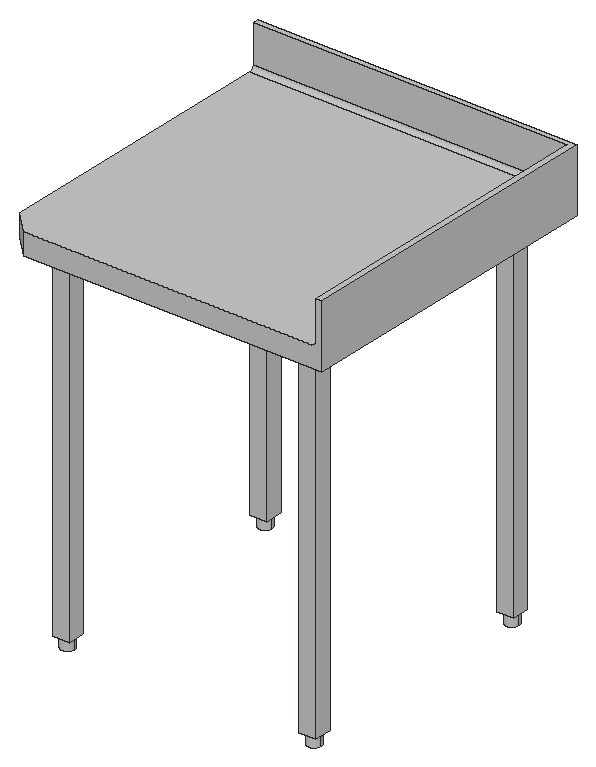
Revit family "QF_ELECTROLUXPROFESSIONAL_132851_CTUD7N", category Attrezzature speciali, Revit 2020
Family settings
  Quota connettore circolare = Usa diametro
  Tipo di parte = Normale
  Basato su piano di lavoro = No
  Sempre verticale = Sì
  Taglio con vuoti quando caricato = No
  Condiviso = No
  Punto di calcolo locali = No
Parameters (values of type "Standard")
  Weight = 33.00 kg
  Watts = 0 W
  Volts = 0 V
  URL Manufacturer = "https://www.electroluxprofessional.com/"
  URL = "https://www.electroluxprofessional.com/"
  Steam Supply Size = 0 mm
  Steam Supply Minimum Pressure = 0.0 Pa
  Steam Supply Maximum Pressure = 0.0 Pa
  Steam Consumption per Hour = 0
  Refrigeration Suction Line Size = 0.0 mm
  Refrigeration Liquid Line Size = 0.0 mm
  Refrigerant Compressor Remote = yes
  Prospetto di default = 0.0 mm
  Produttore = "Electrolux Professional"
  Phase = 0
  Modello = "CTUD7N"
  Length Actual = 750.0 mm  # constant formula
  Item Number = "132851"
  Hot Water Size = 0 mm
  Height Actual = 900.0 mm  # constant formula
  HP = "0 HP"
  Gas Size = 0 mm
  Gas KW = 0
  Gas Input Pressure = 0 W
  Direct Waste Size = 0 mm
  Descrizione = "CORNER WORK TABLE+UPSTAND-DISASSEMBLED"
  Depth Actual = 750.0 mm  # constant formula
  Cycle = 0 Hz
  Condensate Return Size = 0 mm
  Compressed Air Volume = 0.0 L/s
  Compressed Air Size = 0 mm
  Compressed Air Pressure = 0.0 Pa
  Cold Water Size = 0 mm
  Accessory = yes
Reference planes
  plane 1 "Center (Front/Back)": y = 0
  plane 2: z = 0
  plane 3 "Center (Left/Right)": x = 0
  plane 4 "LEFT": x = -375
  plane 5 "RIGHT": x = 375
  plane 6 "BACK": y = 375
  plane 7 "FRONT": y = -375
  plane 8 "Base": z = 850
  plane 9 "TOP": z = 900
  plane 10: x = -290.5
  plane 11: x = 290.5
  plane 12: y = 290.5
  plane 13: y = -290.5
Forms (mm)
  Extrusion 1, solid, material "QF_Finishes_Stainless Steel"
    sketch origin (0, 0, 0) x (0, 1, 0) y (0, 0, 1)
      loop
        line (375, 900) -> (375, 1000) -> (362, 1000) -> (362, 910)
        arc (362, 910) -> (359.071, 902.929) -> (352, 900) r 10
        line (352, 900) -> (375, 900)
    from 375 to -375
  Extrusion 2, solid, material "QF_Finishes_Stainless Steel"
    sketch origin (0, 0, -100) x (1, 0, 0) y (0, 0, 1)
      loop
        line (375, 1000) -> (375, 1100) -> (362, 1100) -> (362, 1010)
        arc (362, 1010) -> (359.071, 1002.929) -> (352, 1000) r 10
        line (352, 1000) -> (375, 1000)
    from 375 to -375
  Extrusion 3, solid, material "QF_Finishes_Stainless Steel"
    sketch origin (0, 0, 850) x (0, 1, 0) y (-1, 0, 0)
      loop
        line (-375, 325) -> (-375, -375) -> (375, -375) -> (375, 375) -> (-325, 375) -> (-375, 325)
    from 0 to 50
Cuts and joins
  joined: Extrusion 1, Extrusion 2, Extrusion 3
Lines and regions (mm)
  symbolic lines
    curve 1: line (375, 375, 900) -> (-375, 375, 900)
    curve 2: line (-375, 375, 900) -> (-375, -325, 900)
    curve 3: line (-325, -375, 900) -> (375, -375, 900)
    curve 4: line (375, -375, 900) -> (375, 375, 900)
    curve 5: line (362, 362, 900) -> (-375, 362, 900)
    curve 6: line (362, 362, 900) -> (362, -375, 900)
    curve 7: line (-375, -325, 900) -> (-325, -375, 900)
Dimensions and locks
  plane 4 "LEFT" to plane 5 "RIGHT" = 750.0 mm
  equal spacing: plane 4 "LEFT", plane 3 "Center (Left/Right)", plane 5 "RIGHT"
  equal spacing: plane 6 "BACK", plane 1 "Center (Front/Back)", plane 7 "FRONT"
  plane 6 "BACK" to plane 7 "FRONT" = 750.0 mm
  locked: plane 8 "Base" to level at 850
  plane 6 "BACK" to plane 12 = 84.5 mm
  plane 13 to plane 7 "FRONT" = 84.5 mm
  plane 4 "LEFT" to plane 10 = 84.5 mm
  plane 11 to plane 5 "RIGHT" = 84.5 mm
  plane 10 to plane 11 = 581.0 mm
  plane 12 to plane 13 = 581.0 mm
  locked: Extrusion 1 to level at 1000
  plane 9 "TOP" to level = 900.0 mm
  aligned and locked: level to plane 2
  aligned and locked: plane 10 to nested 1
  aligned and locked: nested 1 to plane 13
  aligned and locked: plane 11 to nested 2
  aligned and locked: nested 2 to plane 13
  aligned and locked: plane 11 to nested 4
  aligned and locked: nested 4 to plane 12
  aligned and locked: plane 10 to nested 3
  aligned and locked: nested 3 to plane 12
  aligned and locked: Extrusion 1 to plane 4 "LEFT"
  aligned and locked: plane 5 "RIGHT" to Extrusion 1
  aligned and locked: plane 6 "BACK" to Extrusion 2
  aligned and locked: Extrusion 2 to plane 7 "FRONT"
  aligned and locked: Extrusion 3 sketch curve to plane 4 "LEFT"
  aligned and locked: plane 6 "BACK" to Extrusion 3 sketch curve
  aligned and locked: plane 5 "RIGHT" to Extrusion 3 sketch curve
  aligned and locked: plane 9 "TOP" to cut or joined group of Extrusion 1, Extrusion 2, Extrusion 3
  aligned and locked: cut or joined group of Extrusion 1, Extrusion 2, Extrusion 3 to plane 4 "LEFT"
  aligned and locked: plane 5 "RIGHT" to cut or joined group of Extrusion 1, Extrusion 2, Extrusion 3
  aligned and locked: plane 6 "BACK" to cut or joined group of Extrusion 1, Extrusion 2, Extrusion 3
  aligned and locked: cut or joined group of Extrusion 1, Extrusion 2, Extrusion 3 to plane 7 "FRONT"
Automatic sketch dimensions
  Extrusion 1 sketch curve to plane 9 "TOP" = 0.0 mm
  Extrusion 1 sketch curve to plane 6 "BACK" = 0.0 mm
  Extrusion 1 sketch curve to plane 6 "BACK" = 13.0 mm
  Extrusion 1 sketch curve to Extrusion 1 sketch curve = 10.0 mm
  Extrusion 1 sketch curve to Extrusion 1 sketch curve = 90.0 mm
  Extrusion 2 sketch curve to plane 5 "RIGHT" = 0.0 mm
  Extrusion 2 sketch curve to plane 5 "RIGHT" = 13.0 mm
  Extrusion 2 sketch curve to Extrusion 2 sketch curve = 10.0 mm
  plane 9 "TOP" to Extrusion 2 sketch curve = 0.0 mm
  Extrusion 2 sketch curve to Extrusion 2 sketch curve = 90.0 mm
  Extrusion 3 sketch curve to plane 7 "FRONT" = 0.0 mm
  Extrusion 3 sketch curve to plane 13 = 34.5 mm
  Extrusion 3 sketch curve to plane 10 = 34.5 mm
  curve 4 to plane 5 "RIGHT" = 0.0 mm
  curve 4 to plane 7 "FRONT" = 0.0 mm
  curve 2 to plane 4 "LEFT" = 0.0 mm
  curve 4 to plane 6 "BACK" = 0.0 mm
  curve 5 to plane 6 "BACK" = 13.0 mm
  curve 6 to plane 5 "RIGHT" = 13.0 mm
  curve 2 to plane 13 = 34.5 mm
  curve 3 to plane 10 = 34.5 mm
Nested families
  nested 1: "FEET_40x40" at (-290.5, -290.5, 0), type "FEET_40x40"
  nested 2: "FEET_40x40" at (290.5, -290.5, 0), type "FEET_40x40"
  nested 3: "FEET_40x40" at (-290.5, 290.5, 0), type "FEET_40x40"
  nested 4: "FEET_40x40" at (290.5, 290.5, 0), type "FEET_40x40"
Definition of nested family "FEET_40x40"
  Parameters
    Default Elevation = 0.0 mm
    FEET = 850.0 mm
  Reference planes
    plane 1 "Center (Front/Back)": y = 0
    plane 2: z = 0
    plane 3 "Center (Left/Right)": x = 0
    plane 4: z = 850
  Forms (mm)
    Extrusion 1, solid
      sketch origin (0, 0, 0) x (1, 0, 0) y (0, 1, 0)
        loop
          line (-20, -20) -> (20, -20) -> (20, 20) -> (-20, 20) -> (-20, -20)
      from 25 to 845
    Extrusion 2, solid
      sketch origin (0, 0, 0) x (1, 0, 0) y (0, 1, 0)
        loop
          circle (0, 0) r 16
      from 0 to 25
    Extrusion 3, solid
      sketch origin (0, 0, 0) x (1, 0, 0) y (0, 1, 0)
        loop
          line (30, 30) -> (-30, 30) -> (-30, -30) -> (30, -30) -> (30, 30)
      from 845 to 850
  Lines and regions (mm)
    symbolic lines
      curve 1: line (0, -1.503, 0) -> (0, 1.508, 0)
      curve 2: line (1.561, 0, 0) -> (-1.439, 0, 0)
  Dimensions and locks
    "FEET": plane 4 to plane 2
    aligned and locked: level to plane 2
  Automatic sketch dimensions
    Extrusion 1 sketch curve to plane 3 "Center (Left/Right)" = 20.0 mm
    plane 3 "Center (Left/Right)" to Extrusion 1 sketch curve = 20.0 mm
    plane 1 "Center (Front/Back)" to Extrusion 1 sketch curve = 20.0 mm
    Extrusion 1 sketch curve to plane 1 "Center (Front/Back)" = 20.0 mm
    plane 1 "Center (Front/Back)" to Extrusion 2 sketch curve = 0.0 mm
    Extrusion 2 sketch curve to plane 3 "Center (Left/Right)" = 0.0 mm
    plane 3 "Center (Left/Right)" to Extrusion 3 sketch curve = 30.0 mm
    Extrusion 3 sketch curve to plane 1 "Center (Front/Back)" = 30.0 mm
    Extrusion 3 sketch curve to plane 3 "Center (Left/Right)" = 30.0 mm
    plane 1 "Center (Front/Back)" to Extrusion 3 sketch curve = 30.0 mm
    plane 1 "Center (Front/Back)" to curve 2 = 0.0 mm
    curve 1 to plane 3 "Center (Left/Right)" = 0.0 mm
    curve 2 to plane 3 "Center (Left/Right)" = 1.439 mm
    plane 3 "Center (Left/Right)" to curve 2 = 1.561 mm
    plane 1 "Center (Front/Back)" to curve 1 = 1.503 mm
    curve 1 to plane 1 "Center (Front/Back)" = 1.508 mm
    radius of Extrusion 2 sketch curve = 16.0 mm
